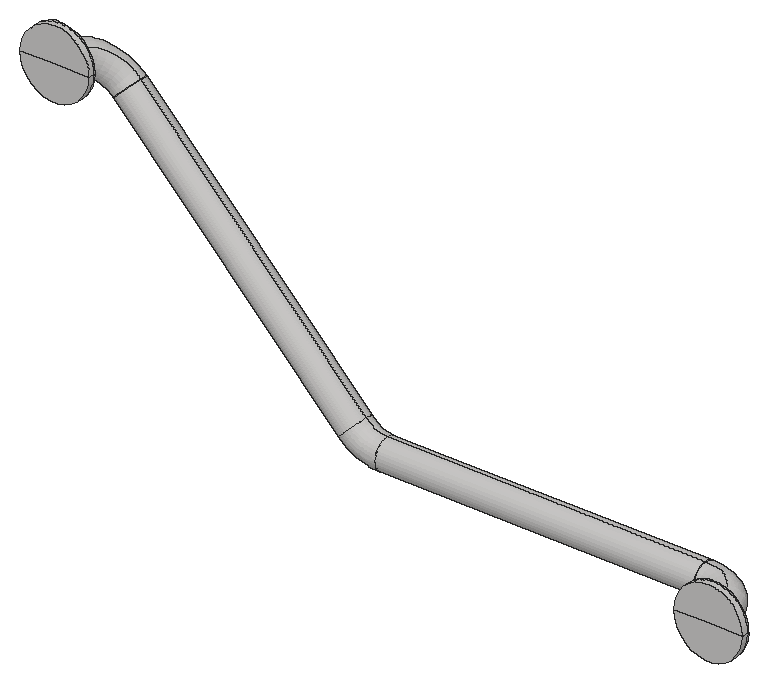
Revit family
Parameters (values of type "Type 1")
  WarrantyDurationUnit = "10 years"
  WarrantyDescription = "Any manufacturing defect"
  Version = "v1"
  URL = "http://www.delabie.com"
  Type Comments = "Grab bar 135° 2 fixing points"
  SerialNumber = "3456330024631"
  ProductInformation = "http://www.delabie.com/products/5081p2"
  NominalWidth = 40 mm
  NominalLength = 400 mm
  NominalHeight = 400 mm
  Name = "Grab bar 135°"
  ModelNumber = "5081P2"
  Model = "Grab bar 135°"
  Material = 304 stainless steel
  ManufacturerURL = "http://www.delabie.com"
  ManufacturerName = "DELABIE"
  Manufacturer = "DELABIE"
  IntegralAccessoryOptions = "Drop-down bar"
  Grade = "CE"
  Finish = Bright polished
  Features  = "Grab bar 135° for WCs, showers or baths.\r\nFor use as a handrail (horizontal part) or as a grab bar (135° part).\r\nUniversal for either left or right side.\r\nDimensions: 400 x 400mm, Ø 32mm.\r\nTube thickness: 1.5mm.\r\nBacteriostatic 304 stainless steel tube.\r\nStainless steel with UltraPolish bright polished finish, uniform non-porous surface for easy maintenance and hygiene.\r\nPlate welded to the tube by invisible safety bead weld (process exclusive to \"ArN-Securit\").\r\n40mm gap between the bar and the wall: minimal space prevents the forearm passing between the bar and the wall, reducing the risk of fracture in case of loss of balance.\r\nFixings concealed by a 3-hole cover plate, 304 stainless steel, Ø 72mm.\r\nSupplied with stainless steel screws for concrete walls.\r\nTested to over 200kg.\r\nMaximum recommended user weight: 135kg.\r\n10 year warranty.\r\nCE marked."
  Description = "French manufacturer Delabie is a leader in the European sanitary ware market for non-domestic places. Water controls, solutions for disabled people, sanitary ware, for schools, leisure centres, offices, hospitals, airports…"
  Category = "Grab bar"
Reference planes
  plane 1: y = 0
  plane 2 "Center (Left/Right)": x = 125
  plane 3 "Back": y = 75
Forms (mm)
  Sweep 1, solid, material "304 stainless steel", not visible
    path origin (12.131, 18.247, 4228.454) x (1, 0, 0) y (0, 1, 0)
      loop
        line (-257.026, 230.66) -> (-22.144, -4.221)
        arc (-22.144, -4.221) -> (-6.609, -14.602) -> (11.717, -18.247) r 47.887
        line (11.717, -18.247) -> (343.897, -18.247)
    profile origin (-127.455, 131.466, 56) x (0.707107, 0.707107, 0) y (0, 0, 1)
      loop
        circle (0, 0) r 16.001
  Sweep 2, solid, material "304 stainless steel", not visible
    path origin (12.131, 0.001, 4228.454) x (1, 0, 0) y (0, 0, 1)
      loop
        arc (343.897, -4172.454) -> (377.776, -4186.487) -> (391.809, -4220.366) r 47.912
    profile origin (389.906, 0.001, 41.967) x (0.707107, 0, 0.707107) y (0, -1, 0)
      loop
        circle (0, 0) r 16
  Sweep 3, solid, material "304 stainless steel", not visible
    path origin (-1.822, 5.628, 4228.454) x (-0.706809, 0.707404, 0) y (0, 0, 1)
      loop
        arc (343.897, -4172.454) -> (377.776, -4186.487) -> (391.809, -4220.366) r 47.912
    profile origin (-268.837, 272.868, 41.967) x (-0.49979, 0.50021, 0.707107) y (0.707404, 0.706809, 0)
      loop
        circle (0, 0) r 16
  Revolve 4, solid, material "304 stainless steel", not visible
    sketch origin (12.131, 282.775, 4228.454) x (1, 0, 0) y (0, 0, 1)
      loop
        line (-326.79, -4228.454) -> (-290.934, -4228.454) -> (-290.934, -4219.988) -> (-325.025, -4219.988)
        arc (-325.025, -4219.988) -> (-326.346, -4220.577) -> (-326.79, -4221.954) r 1.775
        line (-326.79, -4221.954) -> (-326.79, -4228.454)
      axis (-290.934, -4228.454) -> (-290.934, -4219.988)
    angle from 0 to 360
  Revolve 5, solid, material "304 stainless steel", not visible
    sketch origin (112.807, -0.134, 4228.454) x (-1, 0, 0) y (0, 0, -1)
      loop
        line (-326.79, 4228.454) -> (-326.79, 4221.954)
        arc (-326.79, 4221.954) -> (-326.346, 4220.577) -> (-325.025, 4219.988) r 1.775
        line (-325.025, 4219.988) -> (-290.934, 4219.988) -> (-290.934, 4228.454) -> (-326.79, 4228.454)
      axis (-290.934, 4228.454) -> (-290.934, 4219.988)
    angle from 0 to 360
  Sweep 6, solid, material "304 stainless steel"
    path origin (12.131, -4303.454, 381.551) x (1, 0, 0) y (0, 0, 1)
      loop
        line (-257.026, 230.66) -> (-22.144, -4.221)
        arc (-22.144, -4.221) -> (-6.609, -14.602) -> (11.717, -18.247) r 47.887
        line (11.717, -18.247) -> (343.897, -18.247)
    profile origin (-127.455, 131, 494.77) x (0.707107, 0, 0.707107) y (0, -1, 0)
      loop
        circle (0, 0) r 16.001
  Sweep 7, solid, material "304 stainless steel"
    path origin (12.131, -4303.454, 363.305) x (0, -1, 0) y (1, 0, 0)
      loop
        arc (-4434.454, 343.897) -> (-4420.421, 377.776) -> (-4386.542, 391.809) r 47.912
    profile origin (389.906, 116.967, 363.305) x (0.707107, 0.707107, 0) y (0, 0, 1)
      loop
        circle (0, 0) r 16
  Sweep 8, solid, material "304 stainless steel"
    path origin (-1.822, -4303.454, 368.932) x (-0.706809, 0, 0.707404) y (0, -1, 0)
      loop
        arc (343.897, -4434.454) -> (377.776, -4420.421) -> (391.809, -4386.542) r 47.912
    profile origin (-268.837, 116.967, 636.172) x (0.49979, -0.707107, -0.50021) y (0.707404, 0, 0.706809)
      loop
        circle (0, 0) r 16
  Revolve 9, solid, material "304 stainless steel"
    sketch origin (12.131, -4303.454, 646.079) x (0, -1, 0) y (1, 0, 0)
      loop
        line (-4378.454, -326.79) -> (-4378.454, -290.934) -> (-4386.921, -290.934) -> (-4386.921, -325.025)
        arc (-4386.921, -325.025) -> (-4386.331, -326.346) -> (-4384.954, -326.79) r 1.775
        line (-4384.954, -326.79) -> (-4378.454, -326.79)
      axis (-4378.454, -290.934) -> (-4386.921, -290.934)
    angle from 0 to 360
  Revolve 10, solid, material "304 stainless steel"
    sketch origin (112.807, -4303.454, 363.17) x (0, 1, 0) y (-1, 0, 0)
      loop
        line (4378.454, -326.79) -> (4384.954, -326.79)
        arc (4384.954, -326.79) -> (4386.331, -326.346) -> (4386.921, -325.025) r 1.775
        line (4386.921, -325.025) -> (4386.921, -290.934) -> (4378.454, -290.934) -> (4378.454, -326.79)
      axis (4378.454, -290.934) -> (4386.921, -290.934)
    angle from 0 to 360
Text (mm)
  text "Placement side" at (-1787.139, 592.35, 0), in view "Ref. Level"
  text "Placement side" at (0, 1827.695, 2917.686), in view "Left"
  text "Placement side" at (0, 562.268, 3853.606), in view "Right"
Dimensions and locks
  locked: plane 3 "Back" to host wall at 0
  locked: Revolve 10 to plane 3 "Back" at 0
  aligned and locked: host wall to plane 1
